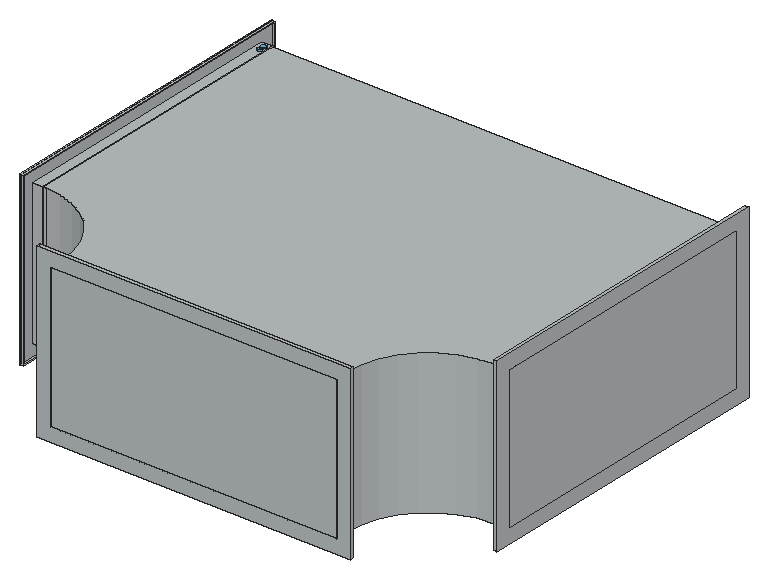
Revit family "NLRS_57_DUF_UN_rechthoekig-radius-T-stuk-eol_nijburg", category Duct Fittings, Revit 2020
Family settings
  Round Connector Dimension = Use Diameter
  Part Type = Tee
  Work Plane-Based = No
  Always vertical = Yes
  Cut with Voids When Loaded = No
  Shared = No
Parameters (values of type "R=170 (std)")
  built-in parameter 1114242 [instance] = 1 = 0  # (empty or 0)
  URL = "https://nijburg-klimaattechniek.nl/oplossingen/rechthoekige-kanalen/"
  Type setting (1-3) [instance] = 3
  Type Comments = ""
  NPR_c03_recht [instance] = 30 mm
  NPR_c02_recht [instance] = 30 mm
  NPR_c01_recht [instance] = 30 mm
  NPR_Type_selector [instance] = if([Type setting (1-3)] < 2, 1, if([Type setting (1-3)] > 2, 3, 2))  # 3
  NPR_S3 [instance] = if(NPR_c02_recht < 30 mm, 30 mm, NPR_c02_recht)  # 30 mm
  NPR_S2 [instance] = if(NPR_c01_recht < 30 mm, 30 mm, NPR_c01_recht)  # 30 mm
  NPR_S1 [instance] = if(NPR_c03_recht < 30 mm, 30 mm, NPR_c03_recht)  # 30 mm
  NPR_Radius = 170 mm
  NPR_Offset1 [instance] = NLRS_M_c01_breedte - NLRS_M_c02_breedte  # 0 mm
  NPR_Luka_m² [instance] = (if(NLRS_M_c01_breedte > NLRS_M_c02_breedte, NLRS_M_c01_breedte, NLRS_M_c02_breedte) + NLRS_M_c01_hoogte) * 2 * ((NPR_Radius * 2) + NPR_S2 + NPR_S3) + ((NLRS_M_c03_breedte + NLRS_M_c03_hoogte) * 2 * if(NPR_L2 < NPR_L3, NPR_L2, NPR_L3))  # 1.08 m²
  NPR_L3 [instance] = if(NPR_Type_selector = 1, if(NPR_Offset1 > 0 mm, NPR_c03_recht + (abs(NPR_Offset1)), NPR_c03_recht), if(NPR_Type_selector = 3, if(NPR_Offset1 > 0 mm, NPR_c03_recht + (abs(NPR_Offset1 / 2)), NPR_c03_recht), NPR_c03_recht)) + NPR_Radius  # 200 mm
  NPR_L2 [instance] = if(NPR_Type_selector = 1, if(NPR_Offset1 < 0 mm, NPR_c03_recht + (abs(NPR_Offset1)), NPR_c03_recht), if(NPR_Type_selector = 3, if(NPR_Offset1 < 0 mm, NPR_c03_recht + (abs(NPR_Offset1 / 2)), NPR_c03_recht), NPR_c03_recht)) + NPR_Radius  # 200 mm
  NPR_Artikelcode = "RHKV"  # constant formula
  NLRS_M_c03_hoogte [instance] = 300 mm
  NLRS_M_c03_breedte [instance] = 600 mm
  NLRS_M_c02_hoogte [instance] = NLRS_M_c03_hoogte  # 300 mm
  NLRS_M_c02_breedte [instance] = 600 mm
  NLRS_M_c01_hoogte [instance] = NLRS_M_c03_hoogte  # 300 mm
  NLRS_M_c01_breedte [instance] = 600 mm
  NLRS_C_model = Model  # "T-stuk EOL"
  NLRS_C_description = Description  # "Rechthoekig T-stuk, end of line"
  NLRS_C_content_versie = "1.20.00"  # constant formula
  NLRS_C_content_provider = "Nijburg Klimaattechniek"  # constant formula
  NLRS_C_content_datum_gewijzigd = "05-05-2023"  # constant formula
  NLRS_C_content_creator = "J.Feeke"  # constant formula
  Model = "T-stuk EOL"  # constant formula
  Manufacturer = "Nijburg Products"  # constant formula
  Gekozen type [instance] = if([Type setting (1-3)] < 2, "Achterzijde vlak", if([Type setting (1-3)] = 2, "Binnenzijde vlak", "Hart = Hart"))  # "Hart = Hart"
  Description = "Rechthoekig T-stuk, end of line"  # constant formula
  Default Elevation = 0 mm
  Assembly Code = "57.70"
Types (5, lengths in mm): name | Type setting (1-3) | NPR_Type_selector | NPR_Radius | NPR_Offset1 | NPR_Luka_m² | NPR_L3 | NPR_L2 | NLRS_M_c03_breedte | NLRS_M_c02_breedte | NLRS_M_c01_breedte | Gekozen type
  (no name) | 3 | 3 | 170 | 0 | 1.08 m² | 200 | 200 | 600 | 600 | 600 | "Hart = Hart"
  R=100 | 1 | 1 | 100 | 100 | 0.858 m² | 230 | 130 | 800 | 700 | 800 | "Achterzijde vlak"
  R=120 | 1 | 1 | 120 | 100 | 0.99 m² | 250 | 150 | 800 | 700 | 800 | "Achterzijde vlak"
  R=150 | 1 | 1 | 150 | 100 | 1.188 m² | 280 | 180 | 800 | 700 | 800 | "Achterzijde vlak"
  R=170 (std) | 3 | 3 | 170 | 0 | 1.08 m² | 200 | 200 | 600 | 600 | 600 | "Hart = Hart"
Reference planes
  plane 1 "Center (Front/Back)": y = 0
  plane 2: z = 0
  plane 3 "Center (Left/Right)": x = 0
  plane 4: y = 300
  plane 5: y = -300
  plane 6: y = -300
  plane 7: y = 300
  plane 8: x = -300
  plane 9: x = 300
  plane 10: y = 0
  plane 11: x = -500
  plane 12: x = 500
  plane 13: y = -500
  plane 14: y = -470
  plane 15: x = -470
  plane 16: x = 470
  plane 17: y = -470
  plane 18: y = -470
  plane 19 "Top": z = 150
  plane 20 "Bottom": z = -150
Forms (mm)
  Extrusion 1, solid, material "NLRS_57_sendzimir verzinkt_gen_sacs"
    sketch origin (0, 0, 0) x (1, 0, 0) y (0, 1, 0)
      loop
        line (-500, 300) -> (-500, -300) -> (-470, -300)
        arc (-470, -300) -> (-349.792, -349.792) -> (-300, -470) r 170
        line (-300, -470) -> (-300, -500) -> (300, -500) -> (300, -470)
        arc (300, -470) -> (349.792, -349.792) -> (470, -300) r 170
        line (470, -300) -> (500, -300) -> (500, 300) -> (470, 300) -> (-470, 300) -> (-500, 300)
    from -150 to 150
  Sweep 2, solid, material "NLRS_57_sendzimir verzinkt_gen_sacs"
    path in 3D
      loop
        line (300, -500, 150) -> (300, -500, -150) -> (-300, -500, -150) -> (-300, -500, 150) -> (300, -500, 150)
    profile "DW_Profile : Kanaal" origin (0, -500, 150) x (0, 1, 0) y (0, 0, 1)
      loop
        line (25, 0) -> (25, 1) -> (1, 1) -> (1, 28) -> (7.5, 28) -> (7.5, 29) -> (0, 29) -> (0, 0) -> (25, 0)
  Sweep 3, solid, material "NLRS_57_sendzimir verzinkt_gen_sacs"
    path in 3D
      loop
        line (-500, -300, 150) -> (-500, -300, -150) -> (-500, 300, -150) -> (-500, 300, 150) -> (-500, -300, 150)
    profile "DW_Profile : Kanaal" origin (-500, 0, 150) x (1, 0, 0) y (0, 0, 1)
      loop
        line (25, 0) -> (25, 1) -> (1, 1) -> (1, 28) -> (7.5, 28) -> (7.5, 29) -> (0, 29) -> (0, 0) -> (25, 0)
  Sweep 4, solid, material "NLRS_57_sendzimir verzinkt_gen_sacs"
    path in 3D
      loop
        line (500, 300, 150) -> (500, 300, -150) -> (500, -300, -150) -> (500, -300, 150) -> (500, 300, 150)
    profile "DW_Profile : Kanaal" origin (500, 0, 150) x (-1, 0, 0) y (0, 0, 1)
      loop
        line (25, 0) -> (25, 1) -> (1, 1) -> (1, 28) -> (7.5, 28) -> (7.5, 29) -> (0, 29) -> (0, 0) -> (25, 0)
Lines and regions (mm)
  sketch lines
    curve 1: line (-300, -500, 150) -> (300, -500, 150)
    curve 2: line (-300, -500, 150) -> (-300, -500, -150)
    curve 3: line (300, -500, -150) -> (-300, -500, -150)
    curve 4: line (300, -500, 150) -> (300, -500, -150)
    curve 5: line (-500, 300, 150) -> (-500, -300, 150)
    curve 6: line (-500, -300, 150) -> (-500, -300, -150)
    curve 7: line (-500, -300, -150) -> (-500, 300, -150)
    curve 8: line (-500, 300, 150) -> (-500, 300, -150)
    curve 9: line (500, -300, 150) -> (500, 300, 150)
    curve 10: line (500, 300, 150) -> (500, 300, -150)
    curve 11: line (500, 300, -150) -> (500, -300, -150)
    curve 12: line (500, -300, 150) -> (500, -300, -150)
Dimensions and locks
  equal spacing: plane 7, plane 1 "Center (Front/Back)", plane 6
  equal spacing: plane 8, plane 3 "Center (Left/Right)", plane 9
  equal spacing: plane 4, plane 10, plane 5
  "NPR_c02_recht": plane 16 to plane 12
  "NPR_c01_recht": plane 11 to plane 15
  "NPR_c03_recht": plane 14 to plane 13
  "NPR_Radius": plane 15 to plane 8
  "NPR_Radius": plane 9 to plane 16
  "NPR_L2": plane 6 to plane 13
  "NPR_L3": plane 5 to plane 13
  "NLRS_M_c03_breedte": plane 8 to plane 9
  "NLRS_M_c01_breedte": plane 7 to plane 6
  "NLRS_M_c02_breedte": plane 4 to plane 5
  "NPR_Radius": plane 6 to plane 17
  "NPR_Radius": plane 18 to plane 5
  equal spacing: plane 19 "Top", level, plane 20 "Bottom"
  "NLRS_M_c03_hoogte": plane 19 "Top" to plane 20 "Bottom"
  locked: plane 7 to nested 2 at 15
  locked: plane 7 to nested 1 at 15
  locked: plane 11 to nested 2 at 15
  locked: plane 11 to nested 1 at 15
  aligned and locked: level to plane 2
  aligned and locked: Extrusion 1 sketch curve to plane 13
  aligned and locked: Extrusion 1 sketch curve to plane 11
  aligned and locked: Extrusion 1 sketch curve to plane 12
  aligned and locked: Extrusion 1 sketch curve to plane 4
  aligned and locked: plane 5 to Extrusion 1 sketch curve
  aligned and locked: Extrusion 1 sketch curve to plane 7
  aligned and locked: Extrusion 1 sketch curve to plane 6
  aligned and locked: plane 8 to Extrusion 1 sketch curve
  aligned and locked: plane 9 to Extrusion 1 sketch curve
  aligned and locked: Extrusion 1 sketch curve to plane 18
  aligned and locked: plane 17 to Extrusion 1 sketch curve
  aligned and locked: plane 15 to Extrusion 1 sketch curve  (x2)
  aligned and locked: plane 16 to Extrusion 1 sketch curve  (x2)
  aligned and locked: plane 19 "Top" to Extrusion 1
  aligned and locked: Extrusion 1 to plane 20 "Bottom"
Nested families
  nested 1: "logo_single" at (-485, 285, -152) x (0, -1, 0) z (0, 0, 1), type "logo_single"
  nested 2: "logo_single" at (-485, 285, 150) x (0, -1, 0) z (0, 0, 1), type "logo_single"
Connectors
  hvac at (-500, 0, 0), driven by "NLRS_M_c01_hoogte", driven by "NLRS_M_c01_breedte"
    settings: on Extrusion 1, index 1, duct flow 0.0 L/s, flow factor 0, pres drop 0.0 Pa, loss coef 0, conn angle 0.00°, conn width 600 mm, conn height 300 mm, conn diameter 609.6 mm, duct sys type 28, conn prof type 1, flow config 0, flow direction 0, loss method 0, conn ref index 2, conn util no, is conn primary yes, conn desc ""
  hvac at (500, 0, 0), driven by "NLRS_M_c01_hoogte", driven by "NLRS_M_c02_breedte"
    settings: on Extrusion 1, index 2, duct flow 0.0 L/s, flow factor 0, pres drop 0.0 Pa, loss coef 0, conn angle 0.00°, conn width 600 mm, conn height 300 mm, conn diameter 609.6 mm, duct sys type 28, conn prof type 1, flow config 0, flow direction 0, loss method 0, conn ref index 1, conn util no, is conn primary no, conn desc ""
  hvac at (0, -500, 0), driven by "NLRS_M_c01_hoogte", driven by "NLRS_M_c03_breedte"
    settings: on Extrusion 1, index 3, duct flow 0.0 L/s, flow factor 0, pres drop 0.0 Pa, loss coef 0, conn angle 0.00°, conn width 600 mm, conn height 300 mm, conn diameter 609.6 mm, duct sys type 28, conn prof type 1, flow config 0, flow direction 0, loss method 0, conn ref index -1, conn util no, is conn primary no, conn desc ""
Definition of nested family "logo_single"
  Parameters (values of type "logo_single")
    t = 5 mm
    Model = "LOD 400"
    Description = "Model type"
    Default Elevation = 1219.2 mm
  Reference planes
    plane 1 "Center (Front/Back)": y = 0
    plane 2: z = 0
    plane 3 "Center (Left/Right)": x = 0
    plane 4: z = 2
    plane 5: x = -10
    plane 6: y = -5
    plane 7: y = 5
    plane 8: x = -5
    plane 9: x = 5
    plane 10: x = 10
  Forms (mm)
    Extrusion 1, solid
      sketch origin (-547.644, -297.937, 0) x (1, 0, 0) y (0, 1, 0)
        loop
          arc (542.644, 302.937) -> (537.644, 297.937) -> (542.644, 292.937) r 5
          line (542.644, 292.937) -> (542.644, 297.937) -> (547.644, 292.937) -> (547.644, 297.937) -> (542.644, 302.937)
      from 0 to 2
    Extrusion 2, solid
      sketch origin (0, 0, 0) x (1, 0, 0) y (0, 1, 0)
        loop
          arc (5, -5) -> (10, 0) -> (5, 5) r 5
          line (5, 5) -> (5, 0) -> (0, 5) -> (0, 0) -> (5, -5)
      from 0 to 2
  Dimensions and locks
    "t": plane 7 to plane 1 "Center (Front/Back)"
    "t": plane 6 to plane 1 "Center (Front/Back)"
    "t": plane 5 to plane 8
    "t": plane 8 to plane 3 "Center (Left/Right)"
    "t": plane 3 "Center (Left/Right)" to plane 9
    "t": plane 9 to plane 10
    aligned and locked: level to plane 2
    aligned and locked: plane 4 to Extrusion 1
  Automatic sketch dimensions
    plane 1 "Center (Front/Back)" to Extrusion 1 sketch curve = 0 mm  (x3)
    Extrusion 1 sketch curve to plane 8 = 0 mm
    Extrusion 1 sketch curve to plane 7 = 0 mm
    Extrusion 1 sketch curve to plane 3 "Center (Left/Right)" = 0 mm
    Extrusion 1 sketch curve to plane 6 = 0 mm
    Extrusion 2 sketch curve to plane 3 "Center (Left/Right)" = 0 mm
    plane 1 "Center (Front/Back)" to Extrusion 2 sketch curve = 0 mm  (x3)
    Extrusion 2 sketch curve to plane 6 = 0 mm
    Extrusion 2 sketch curve to plane 9 = 0 mm
    Extrusion 2 sketch curve to plane 7 = 0 mm
